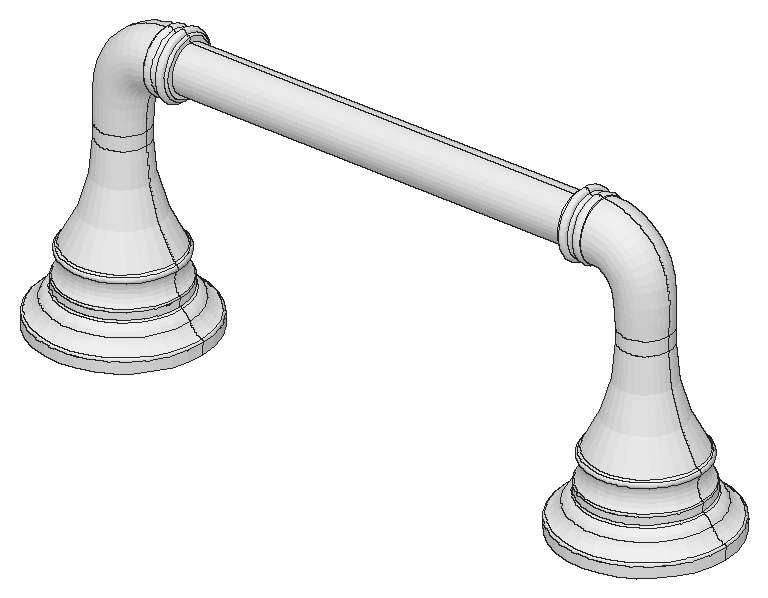
Revit family "Toilet_Paper_Holder-American_Standard-Delancey-7052230_Series", category Specialty Equipment, host Face, Revit 2019
Family settings
  Host = Face
  Round Connector Dimension = Use Diameter
  Part Type = Normal
  OmniClass Number = 23.40.20.21
  OmniClass Title = Toilet and Bath Specialties
  Cut with Voids When Loaded = No
  Shared = Yes
  Room Calculation Point = No
Parameters (values of type "7052230.002")
  Width = 3 7/8"  # constant formula
  Warranty Information = "Limited Lifetime Warranty on Function and Finish"
  URL = "https://www.americanstandard-us.com/"
  Type Comments = ""
  Revised Date = "02/15/2024"  # constant formula
  Product Page URL = "https://www.americanstandard-us.com/Toilet-Paper-Holders/Delancey-Toilet-Paper-Holder/CHROME-7052230002"
  Product Documentation Link = "https://lixil.cdn.celum.cloud/168912_spec_7052230_Delancey_toilet_paper_holder_original.pdf"
  Model = "7052230.002"
  Material = "Metal-American Standard-002-Polished Chrome"
  Manufacturer = "American Standard"
  Length = 9 5/16"  # constant formula
  Installation Type = "Wall Mounted"
  Installation Instruction Link = "https://lixil.cdn.celum.cloud/172945_as_us_bath_install__7052%20(5256)_original.pdf"
  Height = 2 3/16"  # constant formula
  Finish = Metal-American Standard-002-Polished Chrome
  Description = "Delancey® Toilet Paper Holder"
  Default Elevation = 44"
  Creation Date = "07/20/2022"  # constant formula
  Assembly Code = "C1030200"
Types (6): name | Product Page URL | Model | Material | Finish
  (no name) | "https://www.americanstandard-us.com/Toilet-Paper-Holders/Delancey-Toilet-Paper-Holder/CHROME-7052230002" | "7052230.002" | "Metal-American Standard-002-Polished Chrome" | Metal-American Standard-002-Polished Chrome
  7052230.002 | "https://www.americanstandard-us.com/Toilet-Paper-Holders/Delancey-Toilet-Paper-Holder/CHROME-7052230002" | "7052230.002" | "Metal-American Standard-002-Polished Chrome" | Metal-American Standard-002-Polished Chrome
  7052230.295 | "https://www.americanstandard-us.com/Toilet-Paper-Holders/Delancey-Toilet-Paper-Holder/BRUSHED-NICKEL-7052230295" | "7052230.295" | "Metal-American Standard-295-Brushed Nickel" | Metal-American Standard-295-Brushed Nickel
  7052230.013 | "https://www.americanstandard-us.com/Toilet-Paper-Holders/Delancey-Toilet-Paper-Holder/POLISHED-NICKEL-7052230013" | "7052230.013" | "Metal-American Standard-013-Polished Nickel" | Metal-American Standard-013-Polished Nickel
  7052230.278 | "https://www.americanstandard-us.com/Toilet-Paper-Holders/Delancey-Toilet-Paper-Holder/LEGACY-BRONZE-7052230278" | "7052230.278" | "Metal-American Standard-278-Legacy Bronze" | Metal-American Standard-278-Legacy Bronze
  7052230.GN0 | "https://www.americanstandard-us.com/toilet-paper-holders/delancey-toilet-paper-holder/grohe-brushed-cool-sunrise-7052230gn0" | "7052230.GN0" | "Metal-American Standard-GN0-Brushed Cool Sunrise" | Metal-American Standard-GN0-Brushed Cool Sunrise
Reference planes (in)
  plane 1 "Center (Front/Back)": y = 0
  plane 2: z = 0
  plane 3 "Center (Left/Right)": x = 0
  plane 4: z = 3.875
  plane 5: x = 3.5625
  plane 6: x = -3.5625
  plane 7: z = 3.4375
  plane 8: x = 4.65625
  plane 9: x = 2.46875
  plane 10: x = -4.65625
  plane 11: x = -2.46875
  plane 12: x = 2.65589
  plane 13: x = -2.65589
Forms (in)
  Revolve 1, solid, material "Metal-American Standard-002-Polished Chrome" <- "Finish"
    sketch origin (0, 0, 0) x (1, 0, 0) y (0, 0, 1)
      loop
        line (3.5625, 0) -> (4.65625, 0) -> (4.65625, 0.141)
        arc (4.65625, 0.141) -> (4.65026, 0.16138) -> (4.63419, 0.17527) r 0.03766
        arc (4.63419, 0.17527) -> (4.53872, 0.24026) -> (4.47046, 0.33343) r 0.34044
        arc (4.47046, 0.33343) -> (4.42386, 0.40048) -> (4.35995, 0.45132) r 0.2813
        arc (4.35995, 0.45132) -> (4.34825, 0.46308) -> (4.34396, 0.47911) r 0.03214
        line (4.34396, 0.47911) -> (4.34396, 0.57143)
        arc (4.34396, 0.57143) -> (4.34107, 0.58792) -> (4.33273, 0.60243) r 0.04839
        arc (4.33273, 0.60243) -> (4.27215, 0.74865) -> (4.30546, 0.90337) r 0.26568
        arc (4.30546, 0.90337) -> (4.30939, 0.93502) -> (4.28988, 0.96024) r 0.04184
        arc (4.28988, 0.96024) -> (4.27515, 0.9712) -> (4.2634, 0.98531) r 0.07779
        arc (4.2634, 0.98531) -> (3.9786, 1.60291) -> (3.88099, 2.27597) r 2.36922
        line (3.88099, 2.27597) -> (3.88099, 2.45658) -> (3.5625, 2.45658) -> (3.5625, 0)
      axis (3.5625, 2.45658) -> (3.5625, 0)
    angle from 0 to 360
  Revolve 2, solid, material "Metal-American Standard-002-Polished Chrome" <- "Finish"
    sketch origin (0, 0, 0) x (1, 0, 0) y (0, 0, 1)
      loop
        line (2.97521, 3.4375) -> (2.97521, 3.82422)
        arc (2.97521, 3.82422) -> (2.92467, 3.8481) -> (2.87414, 3.82422) r 0.06541
        arc (2.87414, 3.82422) -> (2.8343, 3.8054) -> (2.79447, 3.82422) r 0.05156
        arc (2.79447, 3.82422) -> (2.747, 3.87169) -> (2.69953, 3.82422) r 0.04747
        arc (2.69953, 3.82422) -> (2.67188, 3.82172) -> (2.65589, 3.79903) r 0.03305
        line (2.65589, 3.79903) -> (2.65589, 3.74054) -> (-2.65589, 3.74054) -> (-2.65589, 3.79903)
        arc (-2.65589, 3.79903) -> (-2.67188, 3.82172) -> (-2.69953, 3.82422) r 0.03305
        arc (-2.69953, 3.82422) -> (-2.747, 3.87169) -> (-2.79447, 3.82422) r 0.04747
        arc (-2.79447, 3.82422) -> (-2.8343, 3.8054) -> (-2.87414, 3.82422) r 0.05156
        arc (-2.87414, 3.82422) -> (-2.92467, 3.8481) -> (-2.97521, 3.82422) r 0.06541
        line (-2.97521, 3.82422) -> (-2.97521, 3.4375) -> (2.97521, 3.4375)
      axis (2.97521, 3.4375) -> (-2.97521, 3.4375)
    angle from 0 to 360
  Revolve 3, solid, material "Metal-American Standard-002-Polished Chrome" <- "Finish"
    sketch origin (0, 0, 0) x (-1, 0, 0) y (0, 0, 1)
      loop
        line (3.5625, 0) -> (4.65625, 0) -> (4.65625, 0.141)
        arc (4.65625, 0.141) -> (4.65026, 0.16138) -> (4.63419, 0.17527) r 0.03766
        arc (4.63419, 0.17527) -> (4.53872, 0.24026) -> (4.47046, 0.33343) r 0.34044
        arc (4.47046, 0.33343) -> (4.42386, 0.40048) -> (4.35995, 0.45132) r 0.2813
        arc (4.35995, 0.45132) -> (4.34825, 0.46308) -> (4.34396, 0.47911) r 0.03214
        line (4.34396, 0.47911) -> (4.34396, 0.57143)
        arc (4.34396, 0.57143) -> (4.34107, 0.58792) -> (4.33273, 0.60243) r 0.04839
        arc (4.33273, 0.60243) -> (4.27215, 0.74865) -> (4.30546, 0.90337) r 0.26568
        arc (4.30546, 0.90337) -> (4.30939, 0.93502) -> (4.28988, 0.96024) r 0.04184
        arc (4.28988, 0.96024) -> (4.27515, 0.9712) -> (4.2634, 0.98531) r 0.07779
        arc (4.2634, 0.98531) -> (3.9786, 1.60291) -> (3.88099, 2.27597) r 2.36922
        line (3.88099, 2.27597) -> (3.88099, 2.45658) -> (3.5625, 2.45658) -> (3.5625, 0)
      axis (3.5625, 2.45658) -> (3.5625, 0)
    angle from 0 to 360
  SweptBlend 4, solid, material "Metal-American Standard-002-Polished Chrome" <- "Finish"
    path origin (0, 0, 0) x (1, 0, 0) y (0, 0, 1)
      loop
        spline (3.5625, 2.45658) -> (3.5621, 2.57741) -> (3.5593, 2.69704) -> (3.55171, 2.81369) -> (3.53692, 2.92561) -> (3.51254, 3.03102) -> (3.47616, 3.12816) -> (3.42588, 3.21524) -> (3.36168, 3.2905) -> (3.28404, 3.35213) -> (3.19343, 3.39837) -> (3.09033, 3.42742) -> (2.97521, 3.4375)
    profile origin (3.5625, 0, 2.45658) x (-1, 0, 0) y (0, -1, 0)
      loop
        circle (0, 0) r 0.31849
    end profile origin (2.97521, 0, 3.4375) x (0, 0, -1) y (0, -1, 0)
      loop
        circle (0, 0) r 0.38672
  SweptBlend 5, solid, material "Metal-American Standard-002-Polished Chrome" <- "Finish"
    path origin (0, 0, 0) x (-1, 0, 0) y (0, 0, 1)
      loop
        spline (3.5625, 2.45658) -> (3.5621, 2.57741) -> (3.5593, 2.69704) -> (3.55171, 2.81369) -> (3.53692, 2.92561) -> (3.51254, 3.03102) -> (3.47616, 3.12816) -> (3.42588, 3.21524) -> (3.36168, 3.2905) -> (3.28404, 3.35213) -> (3.19343, 3.39837) -> (3.09033, 3.42742) -> (2.97521, 3.4375)
    profile origin (-3.5625, 0, 2.45658) x (-1, 0, 0) y (0, -1, 0)
      loop
        circle (0, 0) r 0.31849
    end profile origin (-2.97521, 0, 3.4375) x (0, 0, 1) y (0, -1, 0)
      loop
        circle (0, 0) r 0.38672
Cuts and joins
  joined: SweptBlend 4, SweptBlend 5
  joined: Revolve 1, Revolve 2, Revolve 3
Lines and regions (in)
  Masking region 1
    outline origin (0, 0, 0) x (1, 0, 0) y (0, 0, 1)
      loop
        line (4.65644, 0) -> (4.65644, 0.14287)
        arc (4.65644, 0.14287) -> (4.65086, 0.16192) -> (4.63588, 0.17495) r 0.03531
        arc (4.63588, 0.17495) -> (4.52266, 0.25763) -> (4.45119, 0.37823) r 0.3484
        arc (4.45119, 0.37823) -> (4.40954, 0.43398) -> (4.34326, 0.45519) r 0.11416
        line (4.34326, 0.45519) -> (4.34326, 0.59467)
        arc (4.34326, 0.59467) -> (4.27485, 0.72239) -> (4.28935, 0.86654) r 0.24835
        arc (4.28935, 0.86654) -> (4.29626, 0.91279) -> (4.28032, 0.95675) r 0.09525
        arc (4.28032, 0.95675) -> (3.95367, 1.67285) -> (3.88099, 2.45658) r 2.35719
        arc (3.88099, 2.45658) -> (3.87912, 2.82526) -> (3.81831, 3.1889) r 2.2974
        arc (3.81831, 3.1889) -> (3.50029, 3.64396) -> (2.97521, 3.82422) r 0.89575
        arc (2.97521, 3.82422) -> (2.92199, 3.84902) -> (2.8703, 3.82117) r 0.06545
        arc (2.8703, 3.82117) -> (2.82705, 3.80352) -> (2.79308, 3.83559) r 0.04314
        arc (2.79308, 3.83559) -> (2.74127, 3.87134) -> (2.69953, 3.82422) r 0.04747
        arc (2.69953, 3.82422) -> (2.67212, 3.8213) -> (2.65589, 3.79903) r 0.03398
        line (2.65589, 3.79903) -> (2.65589, 3.74054) -> (-2.65589, 3.74054) -> (-2.65589, 3.79903)
        arc (-2.65589, 3.79903) -> (-2.67212, 3.8213) -> (-2.69953, 3.82422) r 0.03398
        arc (-2.69953, 3.82422) -> (-2.74127, 3.87134) -> (-2.79308, 3.83559) r 0.04747
        arc (-2.79308, 3.83559) -> (-2.82705, 3.80352) -> (-2.8703, 3.82117) r 0.04314
        arc (-2.8703, 3.82117) -> (-2.92199, 3.84902) -> (-2.97521, 3.82422) r 0.06545
        arc (-2.97521, 3.82422) -> (-3.50029, 3.64396) -> (-3.81831, 3.1889) r 0.89575
        arc (-3.81831, 3.1889) -> (-3.87912, 2.82526) -> (-3.88099, 2.45658) r 2.2974
        arc (-3.88099, 2.45658) -> (-3.95367, 1.67285) -> (-4.28032, 0.95675) r 2.35719
        arc (-4.28032, 0.95675) -> (-4.29626, 0.91279) -> (-4.28935, 0.86654) r 0.09525
        arc (-4.28935, 0.86654) -> (-4.27485, 0.72239) -> (-4.34326, 0.59467) r 0.24835
        line (-4.34326, 0.59467) -> (-4.34326, 0.45519)
        arc (-4.34326, 0.45519) -> (-4.40952, 0.434) -> (-4.45117, 0.37827) r 0.11416
        arc (-4.45117, 0.37827) -> (-4.52265, 0.25764) -> (-4.63588, 0.17495) r 0.3484
        arc (-4.63588, 0.17495) -> (-4.65086, 0.16192) -> (-4.65644, 0.14287) r 0.03531
        line (-4.65644, 0.14287) -> (-4.65644, 0) -> (-2.46875, 0) -> (-2.46875, 0.14287)
        arc (-2.46875, 0.14287) -> (-2.47433, 0.16192) -> (-2.48931, 0.17495) r 0.03531
        arc (-2.48931, 0.17495) -> (-2.60255, 0.25764) -> (-2.67402, 0.37827) r 0.3484
        arc (-2.67402, 0.37827) -> (-2.71567, 0.434) -> (-2.78193, 0.45519) r 0.11416
        line (-2.78193, 0.45519) -> (-2.78193, 0.59467)
        arc (-2.78193, 0.59467) -> (-2.85034, 0.72239) -> (-2.83584, 0.86654) r 0.24835
        arc (-2.83584, 0.86654) -> (-2.82894, 0.91279) -> (-2.84487, 0.95675) r 0.09525
        arc (-2.84487, 0.95675) -> (-3.22527, 1.93282) -> (-3.14516, 2.97732) r 2.35719
        arc (-3.14516, 2.97732) -> (-3.10743, 3.03038) -> (-3.04558, 3.0507) r 0.10425
        line (-3.04558, 3.0507) -> (-2.97515, 3.0507)
        arc (-2.97515, 3.0507) -> (-2.92194, 3.02598) -> (-2.8703, 3.05383) r 0.06545
        arc (-2.8703, 3.05383) -> (-2.82705, 3.07148) -> (-2.79308, 3.03941) r 0.04314
        arc (-2.79308, 3.03941) -> (-2.74127, 3.00366) -> (-2.69953, 3.05078) r 0.04747
        arc (-2.69953, 3.05078) -> (-2.67212, 3.0537) -> (-2.65589, 3.07597) r 0.03398
        line (-2.65589, 3.07597) -> (-2.65589, 3.13446) -> (2.65589, 3.13446) -> (2.65589, 3.07597)
        arc (2.65589, 3.07597) -> (2.67212, 3.0537) -> (2.69953, 3.05078) r 0.03398
        arc (2.69953, 3.05078) -> (2.74127, 3.00366) -> (2.79308, 3.03941) r 0.04747
        arc (2.79308, 3.03941) -> (2.82705, 3.07148) -> (2.8703, 3.05383) r 0.04314
        arc (2.8703, 3.05383) -> (2.92194, 3.02598) -> (2.97515, 3.0507) r 0.06545
        line (2.97515, 3.0507) -> (3.04742, 3.0507)
        arc (3.04742, 3.0507) -> (3.10776, 3.03089) -> (3.14459, 2.97916) r 0.10176
        arc (3.14459, 2.97916) -> (3.22541, 1.93377) -> (2.84487, 0.95675) r 2.35719
        arc (2.84487, 0.95675) -> (2.82894, 0.91279) -> (2.83584, 0.86654) r 0.09525
        arc (2.83584, 0.86654) -> (2.85034, 0.72239) -> (2.78193, 0.59467) r 0.24835
        line (2.78193, 0.59467) -> (2.78193, 0.45519)
        arc (2.78193, 0.45519) -> (2.71567, 0.434) -> (2.67402, 0.37827) r 0.11416
        arc (2.67402, 0.37827) -> (2.60255, 0.25764) -> (2.48931, 0.17495) r 0.3484
        arc (2.48931, 0.17495) -> (2.47433, 0.16192) -> (2.46875, 0.14287) r 0.03531
        line (2.46875, 0.14287) -> (2.46875, 0) -> (4.65644, 0)
  symbolic lines, detail levels medium+fine
    curve 1: line (2.65589, 0, 3.79903) -> (2.65589, 0, 3.07597)
    curve 2: line (2.69953, 0, 3.05078) -> (2.69953, 0, 3.82422)
    curve 3: line (2.79447, 0, 3.05078) -> (2.79447, 0, 3.82422)
    curve 4: line (2.97521, 0, 3.82422) -> (2.97521, 0, 3.05078)
    curve 5: line (4.34326, 0, 0.59467) -> (2.78193, 0, 0.59467)
    curve 6: line (4.45119, 0, 0.37823) -> (2.674, 0, 0.37823)
    curve 7: line (4.63588, 0, 0.17495) -> (2.48931, 0, 0.17495)
    curve 8: line (4.28032, 0, 0.95675) -> (2.84487, 0, 0.95675)
    curve 9: line (-4.34326, 0, 0.59467) -> (-2.78193, 0, 0.59467)
    curve 10: line (-4.45119, 0, 0.37823) -> (-2.674, 0, 0.37823)
    curve 11: line (-4.63588, 0, 0.17495) -> (-2.48931, 0, 0.17495)
    curve 12: line (-4.28032, 0, 0.95675) -> (-2.84487, 0, 0.95675)
    curve 13: line (-2.65589, 0, 3.79903) -> (-2.65589, 0, 3.07597)
    curve 14: line (-2.69953, 0, 3.05078) -> (-2.69953, 0, 3.82422)
    curve 15: line (-2.79447, 0, 3.05078) -> (-2.79447, 0, 3.82422)
    curve 16: line (-2.97521, 0, 3.82422) -> (-2.97521, 0, 3.05078)
Dimensions and locks (in)
  locked: plane 7 to plane 4 at 0.4375
  equal spacing: plane 8, plane 5, plane 9
  equal spacing: plane 10, plane 6, plane 11
  locked: Revolve 1 sketch curve to plane 8 at 0.31229
  locked: Revolve 2 sketch curve to plane 12 at 0.31931
  locked: Revolve 2 sketch curve to plane 13 at 0.31931
  locked: plane 7 to Revolve 2 sketch curve at 0.30304
  locked: plane 5 to Revolve 1 sketch curve at 0.31849
  locked: Revolve 3 sketch curve to plane 10 at 0.31229
  locked: plane 6 to Revolve 3 sketch curve at 0.31849
  "Width": host face to plane 4
  plane 6 to plane 5 = 7 1/8"
  host face to plane 7 = 3 7/16"
  "Height": plane 9 to plane 8
  plane 10 to plane 11 = 2 3/16"
  "Length": plane 10 to plane 8
  aligned and locked: plane 2 to host face
  aligned and locked: level to host face
  aligned and locked: plane 5 to Revolve 1 sketch curve
  aligned and locked: Revolve 1 sketch curve to plane 5
  aligned and locked: plane 8 to Revolve 1 sketch curve
  aligned and locked: plane 7 to Revolve 2 sketch curve  (x2)
  aligned and locked: plane 12 to Revolve 2 sketch curve
  aligned and locked: Revolve 2 sketch curve to plane 13
  aligned and locked: plane 6 to Revolve 3 sketch curve  (x2)
  aligned and locked: Revolve 3 sketch curve to plane 10
  aligned and locked: SweptBlend 5 sketch curve to Revolve 2
  aligned and locked: SweptBlend 5 sketch curve to Revolve 3
  aligned and locked: cut or joined group of Revolve 1, Revolve 2, Revolve 3 to cut or joined group of Revolve 1, Revolve 2, Revolve 3  (x4)
  aligned and locked: cut or joined group of SweptBlend 4, SweptBlend 5 to cut or joined group of Revolve 1, Revolve 2, Revolve 3
  aligned and locked: cut or joined group of Revolve 1, Revolve 2, Revolve 3 to cut or joined group of SweptBlend 4, SweptBlend 5
Automatic sketch dimensions
  host sketch curve to host sketch curve = 96"  (x2)
  Revolve 1 sketch curve to level = 0"
  Revolve 1 sketch curve to Revolve 1 sketch curve = 0.12534"
  Revolve 1 sketch curve to Revolve 1 sketch curve = 0.07492"
  Revolve 1 sketch curve to Revolve 1 sketch curve = 0.04839"
  Revolve 1 sketch curve to Revolve 1 sketch curve = 0.05959"
  Revolve 1 sketch curve to Revolve 1 sketch curve = 0.03214"
  plane 8 to Revolve 1 sketch curve = 0.11951"
  plane 8 to Revolve 1 sketch curve = 0.03766"
  Revolve 1 sketch curve to plane 8 = 0.119"
  Revolve 1 sketch curve to plane 8 = 1.59396"
  level to Revolve 1 sketch curve = 0.141"
  level to Revolve 1 sketch curve = 0.2081"
  Revolve 1 sketch curve to Revolve 1 sketch curve = 0.27101"
  Revolve 1 sketch curve to Revolve 1 sketch curve = 0.34412"
  Revolve 1 sketch curve to Revolve 1 sketch curve = 0.09233"
  Revolve 1 sketch curve to Revolve 1 sketch curve = 0.20119"
  Revolve 1 sketch curve to Revolve 1 sketch curve = 0.15134"
  Revolve 1 sketch curve to Revolve 1 sketch curve = 0.10373"
  Revolve 1 sketch curve to plane 7 = 1.16153"
  Revolve 1 sketch curve to Revolve 1 sketch curve = 0.18061"
  Revolve 1 sketch curve to Revolve 1 sketch curve = 0"  (x5)
  Revolve 1 sketch curve to Revolve 1 sketch curve = 0.12776"
  Revolve 1 sketch curve to Revolve 1 sketch curve = 0.07351"
  Revolve 3 sketch curve to level = 0"
  Revolve 3 sketch curve to Revolve 3 sketch curve = 0.12534"
  Revolve 3 sketch curve to Revolve 3 sketch curve = 0.07492"
  Revolve 3 sketch curve to Revolve 3 sketch curve = 0.04839"
  Revolve 3 sketch curve to Revolve 3 sketch curve = 0.05959"
  Revolve 3 sketch curve to Revolve 3 sketch curve = 0.03214"
  Revolve 3 sketch curve to plane 10 = 0.11951"
  Revolve 3 sketch curve to plane 10 = 0.03766"
  plane 10 to Revolve 3 sketch curve = 0.119"
  plane 10 to Revolve 3 sketch curve = 1.59396"
  Revolve 3 sketch curve to level = 0.141"
  Revolve 3 sketch curve to level = 0.2081"
  Revolve 3 sketch curve to Revolve 3 sketch curve = 0.27101"
  Revolve 3 sketch curve to Revolve 3 sketch curve = 0.34412"
  Revolve 3 sketch curve to Revolve 3 sketch curve = 0.09233"
  Revolve 3 sketch curve to Revolve 3 sketch curve = 0.20119"
  Revolve 3 sketch curve to Revolve 3 sketch curve = 0.15134"
  Revolve 3 sketch curve to Revolve 3 sketch curve = 0.10373"
  plane 7 to Revolve 3 sketch curve = 1.16153"
  Revolve 3 sketch curve to Revolve 3 sketch curve = 0.18061"
  Revolve 3 sketch curve to Revolve 3 sketch curve = 0"  (x5)
  Revolve 3 sketch curve to Revolve 3 sketch curve = 0.12776"
  Revolve 3 sketch curve to Revolve 3 sketch curve = 0.07351"
  plane 13 to curve 13 = 0"
  curve 1 to plane 12 = 0"
  plane 10 to curve 11 = 0.02037"
  level to curve 11 = 0.17495"
  plane 13 to curve 10 = 0.01811"
  plane 13 to curve 14 = 0.04364"
  plane 13 to curve 9 = 0.12604"
  curve 15 to curve 14 = 0.09493"
  plane 13 to curve 12 = 0.18897"
  curve 16 to curve 15 = 0.18074"
  plane 10 to curve 12 = 0.37593"
  plane 10 to curve 9 = 0.31299"
  plane 10 to curve 10 = 0.20506"
  plane 11 to curve 11 = 0.02056"
  plane 9 to curve 7 = 0.02056"
  plane 12 to curve 6 = 0.01811"
  plane 12 to curve 2 = 0.04364"
  plane 12 to curve 5 = 0.12604"
  curve 2 to curve 3 = 0.09493"
  plane 12 to curve 8 = 0.18897"
  curve 3 to curve 4 = 0.18074"
  plane 8 to curve 8 = 0.37593"
  plane 8 to curve 5 = 0.31299"
  plane 8 to curve 6 = 0.20506"
  plane 8 to curve 7 = 0.02037"
  level to curve 7 = 0.17495"
  curve 11 to curve 10 = 0.20328"
  curve 7 to curve 6 = 0.20328"
  curve 6 to curve 5 = 0.21644"
  curve 10 to curve 9 = 0.21644"
  curve 9 to curve 12 = 0.36207"
  curve 5 to curve 8 = 0.36207"
  curve 3 to plane 7 = 99/256"
  curve 14 to plane 7 = 99/256"
  curve 2 to curve 3 = 0"
  curve 15 to curve 14 = 0"
  curve 4 to curve 3 = 0"
  curve 16 to curve 15 = 0"
  curve 2 to curve 1 = 0.0252"
  curve 14 to curve 13 = 0.0252"
  curve 13 to plane 4 = 0.07597"
  curve 1 to plane 4 = 0.07597"
  curve 13 to curve 14 = 0.0252"
  curve 1 to curve 2 = 0.0252"
  curve 3 to plane 4 = 13/256"
  curve 15 to plane 4 = 13/256"
  curve 16 to plane 4 = 13/256"
  curve 4 to plane 4 = 13/256"
  Revolve 2 sketch curve to Revolve 2 sketch curve = 0.05053"  (x2)
  Revolve 2 sketch curve to plane 4 = 0.01804"  (x2)
  Revolve 2 sketch curve to Revolve 2 sketch curve = 0.09037"
  plane 13 to Revolve 2 sketch curve = 0.09111"
  plane 13 to Revolve 2 sketch curve = 0.03251"
  plane 12 to Revolve 2 sketch curve = 0.03251"
  Revolve 2 sketch curve to Revolve 2 sketch curve = 15/256"
  Revolve 2 sketch curve to Revolve 2 sketch curve = 0.0873"
  Revolve 2 sketch curve to plane 4 = 0.09231"  (x2)
  Revolve 2 sketch curve to Revolve 2 sketch curve = 0.05256"  (x2)
  Revolve 2 sketch curve to Revolve 2 sketch curve = 0.00592"  (x2)
  Revolve 2 sketch curve to plane 4 = 13/256"  (x4)
  Revolve 2 sketch curve to Revolve 2 sketch curve = 0.12554"
  Revolve 2 sketch curve to Revolve 2 sketch curve = 0.14819"
  SweptBlend 4 sketch curve to plane 7 = 0"
  plane 5 to SweptBlend 4 sketch curve = 0"
  plane 12 to SweptBlend 4 sketch curve = 0.31931"
  SweptBlend 4 sketch curve to plane 7 = 0.98092"
  plane 1 "Center (Front/Back)" to SweptBlend 4 sketch curve = 0"
  SweptBlend 4 sketch curve to profile plane = 0"  (x2)
  SweptBlend 4 sketch curve to plane 1 "Center (Front/Back)" = 0"
  SweptBlend 5 sketch curve to plane 7 = 0"
  SweptBlend 5 sketch curve to plane 6 = 0"
  SweptBlend 5 sketch curve to plane 13 = 0.31931"
  plane 7 to SweptBlend 5 sketch curve = 0.98092"
  Masking region 1 sketch curve to level = 0"  (x2)
  plane 13 to Masking region 1 sketch curve = 0"  (x2)
  plane 11 to Masking region 1 sketch curve = 0"
  Masking region 1 sketch curve to plane 9 = 0"
  Masking region 1 sketch curve to plane 12 = 0"  (x2)
  plane 13 to Masking region 1 sketch curve = 0.03322"  (x2)
  Masking region 1 sketch curve to Masking region 1 sketch curve = 0.05788"  (x4)
  plane 13 to Masking region 1 sketch curve = 0.12604"
  Masking region 1 sketch curve to Masking region 1 sketch curve = 0.08797"  (x4)
  Masking region 1 sketch curve to plane 4 = 0.02907"  (x2)
  plane 13 to Masking region 1 sketch curve = 0.26782"
  Masking region 1 sketch curve to Masking region 1 sketch curve = 0.08892"  (x4)
  Masking region 1 sketch curve to Masking region 1 sketch curve = 0.12624"  (x2)
  Masking region 1 sketch curve to Masking region 1 sketch curve = 0.05126"  (x2)
  Masking region 1 sketch curve to Masking region 1 sketch curve = 0.08437"
  plane 10 to Masking region 1 sketch curve = 0.45477"
  plane 10 to Masking region 1 sketch curve = 0.31299"
  plane 10 to Masking region 1 sketch curve = 0.13779"
  plane 10 to Masking region 1 sketch curve = 0.03512"
  Masking region 1 sketch curve to plane 10 = 0.00019"
  Masking region 1 sketch curve to plane 10 = 0.12427"
  Masking region 1 sketch curve to plane 10 = 1.57526"
  Masking region 1 sketch curve to plane 13 = 0.04916"
  plane 11 to Masking region 1 sketch curve = 0.03531"
  Masking region 1 sketch curve to plane 11 = 0.12408"
  Masking region 1 sketch curve to plane 11 = 0.87865"
  Masking region 1 sketch curve to Masking region 1 sketch curve = 0.69641"  (x2)
  plane 3 "Center (Left/Right)" to Masking region 1 sketch curve = 0.89369"
  Masking region 1 sketch curve to plane 9 = 0.12408"
  plane 9 to Masking region 1 sketch curve = 0.03531"
  Masking region 1 sketch curve to plane 12 = 0.04916"
  plane 12 to Masking region 1 sketch curve = 0.03322"  (x2)
  plane 12 to Masking region 1 sketch curve = 0.12604"
  plane 12 to Masking region 1 sketch curve = 0.26782"
  Masking region 1 sketch curve to Masking region 1 sketch curve = 0.07227"
  plane 8 to Masking region 1 sketch curve = 0.45477"
  plane 8 to Masking region 1 sketch curve = 0.31299"
  plane 8 to Masking region 1 sketch curve = 0.13779"
  plane 8 to Masking region 1 sketch curve = 0.03512"
  Masking region 1 sketch curve to plane 8 = 0.00019"
  Masking region 1 sketch curve to plane 8 = 0.12427"
  Masking region 1 sketch curve to plane 8 = 1.57526"
  Masking region 1 sketch curve to Masking region 1 sketch curve = 0.14287"  (x3)
  level to Masking region 1 sketch curve = 0.14287"
  level to Masking region 1 sketch curve = 0.34103"  (x4)
  Masking region 1 sketch curve to Masking region 1 sketch curve = 0.11416"  (x4)
  Masking region 1 sketch curve to Masking region 1 sketch curve = 0.34904"  (x4)
  Masking region 1 sketch curve to Masking region 1 sketch curve = 0.13948"  (x4)
  Masking region 1 sketch curve to Masking region 1 sketch curve = 0.17602"  (x4)
  Masking region 1 sketch curve to Masking region 1 sketch curve = 0.30863"  (x4)
  Masking region 1 sketch curve to plane 7 = 1.15817"  (x4)
  Masking region 1 sketch curve to Masking region 1 sketch curve = 0.34999"  (x2)
  Masking region 1 sketch curve to plane 7 = 0.50892"  (x2)
  Masking region 1 sketch curve to Masking region 1 sketch curve = 0.01788"
  Masking region 1 sketch curve to Masking region 1 sketch curve = 0.02037"
  Masking region 1 sketch curve to Masking region 1 sketch curve = 0.10049"  (x2)
  Masking region 1 sketch curve to Masking region 1 sketch curve = 0.12213"
  Masking region 1 sketch curve to Masking region 1 sketch curve = 0.10425"
  Masking region 1 sketch curve to Masking region 1 sketch curve = 0.02171"  (x2)
  Masking region 1 sketch curve to Masking region 1 sketch curve = 0.0252"  (x2)
  Masking region 1 sketch curve to Masking region 1 sketch curve = 0.03235"
  Masking region 1 sketch curve to Masking region 1 sketch curve = 0.00715"  (x3)
  Masking region 1 sketch curve to Masking region 1 sketch curve = 0.04069"  (x2)
  Masking region 1 sketch curve to Masking region 1 sketch curve = 0.05848"
  Masking region 1 sketch curve to plane 4 = 0.13446"
  Masking region 1 sketch curve to plane 4 = 0.09139"  (x2)
  Masking region 1 sketch curve to Masking region 1 sketch curve = 0.05133"  (x2)
  Masking region 1 sketch curve to plane 4 = 13/256"  (x4)
  plane 13 to Masking region 1 sketch curve = 0.01812"
  Masking region 1 sketch curve to Masking region 1 sketch curve = 0"  (x14)
  Masking region 1 sketch curve to plane 7 = 0.2486"  (x2)
  Masking region 1 sketch curve to Masking region 1 sketch curve = 0.10792"
  plane 12 to Masking region 1 sketch curve = 0.01812"
  Masking region 1 sketch curve to Masking region 1 sketch curve = 0.10793"
  radius of SweptBlend 4 sketch curve = 0.31849"
  radius of SweptBlend 4 sketch curve = 99/256"
